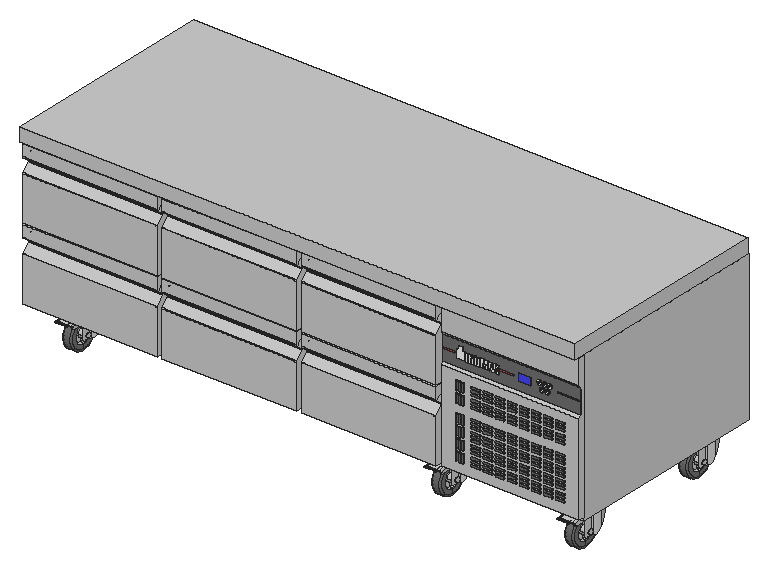
Revit family "QF_INOMAK_PWDP777_250528090058", category Specialty Equipment, Revit 2021
Family settings
  Round Connector Dimension = Use Diameter
  Part Type = Normal
  OmniClass Number = 23.40.40.14
  OmniClass Title = Food Service Equipment
  Work Plane-Based = No
  Always vertical = Yes
  Cut with Voids When Loaded = No
  Shared = No
  Room Calculation Point = No
Parameters (values of type "PWDP777")
  Weight [instance] = 131.002 kg
  Warranty Start Date [instance] = ""
  Warranty Duration [instance] = ""
  Volts [instance] = 230 V
  Volt Free Conn [instance] = no
  URL Recommended Spares List [instance] = ""
  URL Manufacturer [instance] = ""
  URL Cutsheet [instance] = ""
  URL Critical Spares List [instance] = ""
  URL = "www.inomak.com"
  Technical Documentation [instance] = ""
  Tag Number [instance] = ""
  Status [instance] = ""
  Start Up Current [instance] = 0 A
  Specification by User [instance] = ""
  Specification by Manufacturer [instance] = ""
  Sound Level [instance] = ""
  Show Logo [instance] = yes
  Show Clearances [instance] = yes
  Service Life Duration [instance] = ""
  Serial Number [instance] = ""
  Seismic Rating [instance] = ""
  SMACNA No [instance] = ""
  Revision Code [instance] = ""
  Revision [instance] = ""
  Production Year [instance] = ""
  Potential Equalisation [instance] = no
  Point Load [instance] = 0
  Phase [instance] = 1
  Other Equipment Approvals [instance] = ""
  Operational Current [instance] = 0 A
  Number of Poles [instance] = 2
  No Load Power Draw [instance] = no
  NAFEM Spec ID Number [instance] = ""
  Model Warning [instance] = ""
  Model = "PWDP777"
  Min Ckt Ampacity [instance] = 0 A
  Max Overcurrent Protection [instance] = 10 A
  Masterspec [instance] = ""
  Manufacturer = "INOMAK"
  Main switch integrated [instance] = no
  Length Actual [instance] = 1791.97 mm
  Item Number [instance] = ""
  Installed By [instance] = ""
  Installation Date [instance] = ""
  Identify Quantity as Lot [instance] = no
  ID [instance] = ""
  Hygiene Approval [instance] = ""
  Height Actual [instance] = 643.128 mm
  HP power [instance] = ""
  Furnished By [instance] = ""
  Foodservice Equipment Identifier [instance] = no
  FL Amps [instance] = 1.49 A
  Electrical Remarks [instance] = ""
  Electric power [instance] = 340 W
  Electric Connection Type [instance] = ""
  Elec Conn RI Height [instance] = 0 mm
  Elec Conn Connection Height [instance] = 0 mm
  ETL Approved [instance] = no
  Description = "POPULUS CHEF’S BASE COUNTER WITH 3 GN 1/1 DOORS"
  Depth Actual [instance] = 700.024 mm
  Default Elevation = 0 mm
  Cycle [instance] = 50 Hz
  Cost = 0
  Connection to energy optimisation system [instance] = yes
  Conn Plug [instance] = ""
  Conn Conduit [instance] = no
  Centralized building control system with digital interface [instance] = ""
  CSI MasterFormat [instance] = ""
  CE Approved [instance] = no
  Barcode [instance] = 0
  Author [instance] = ""
  Asset Identifier [instance] = ""
  Apparent Power [instance] = 340 VA
  Accessory [instance] = no
Reference planes
  plane 1 "Center (Front/Back)": y = 0
  plane 2: z = 0
  plane 3 "Center (Left/Right)": x = 0
Forms (mm)
  Extrusion 1, solid, not visible
    sketch origin (1385.068, -100.005, 132.006) x (1, 0, 0) y (0, 1, 0)
      loop
        line (-2, 2) -> (-2, -2) -> (2, -2) -> (2, 2) -> (-2, 2)
    from -2 to 2
Dimensions and locks
  locked: nested 2 to Extrusion 1 at 2  (x2)
  aligned and locked: level to plane 2
Nested families
  nested 1: "QF_INOMAK_REF_BASE_COUNTERS_1790_2920" at (0, 0, 130), type "PWDP777"
    with Weight 131.002 kg, Warranty Start Date "", Warranty Duration "", URL Cutsheet "", Technical Documentation "", Tag Number "", Status "", Specification by User "", Specification by Manufacturer "", Sound Level "", Solid Fuel Type "", Show Clearances yes, Show Clearance yes, Service Life Duration "", Serial Number "", Seismic Rating "", SMACNA No "", Revision Code "", Revision "", Production Year "", Point Load 0, Other Equipment Approvals "", NAFEM Spec ID Number "", Model Warning "", Masterspec "", Length Actual 1791.97 mm, Item Number "", Installed By "", Installation Date "", Identify Quantity as Lot yes, ID "", Hygiene Approval "", Height Actual 643.128 mm, Furnished By "", Foodservice Equipment Identifier yes, Finish none, ETL Approved yes, Depth Actual 700.024 mm, CSI MasterFormat "", CE Approved yes, Barcode "", Author "", Asset Identifier "", Accessory no
  nested 2: "CONN_POINT_ELE_2D___Generic_Annotation" at (1385.068, -100.005, 130.006), type "CONN_POINT_ELE_2D___Generic_Annotation"
    with Onboard connection annotation symbol visibility yes
  nested 3: "QF_INOMAK_REF_COUNTERS_DOORS_DRAWERS_6522" at (0, -700, 130), type "DW-2-483"
    with Weight 0.00 kg, Warranty Start Date "", Warranty Duration "", URL Cutsheet "", Top inset 10 mm, Technical Documentation "", Tag Number "", Status "", Specification by User "", Specification by Manufacturer "", Sound Level "", Solid Fuel Type "", Show Logo yes, Show Clearances yes, Service Life Duration "", Serial Number "", Seismic Rating "", SMACNA No "", Right panel thickness 0 mm, Revision Code "", Revision "", Rear inset 0 mm, Production Year "", Point Load 0, Plinth height 0 mm, Other Equipment Approvals "", NAFEM Spec ID Number "", Model Warning "", Masterspec "", Length Actual 435.102 mm, Left panel thickness 0 mm, Item Number "", Installed By "", Installation Date "", Identify Quantity as Lot yes, ID "", Hygiene Approval "", Height Actual 483.108 mm, Furnished By "", Front inset 10 mm, Foodservice Equipment Identifier yes, Finish none, ETL Approved yes, Doors drawers type 4, Depth Actual 80.01 mm, CSI MasterFormat "", CE Approved yes, Bottom inset 10 mm, Barcode "", Author "", Asset Identifier "", Accessory yes
  nested 4: "QF_INOMAK_REF_COUNTERS_DOORS_DRAWERS_16014" at (450, -700, 130), type "DW-2-483"
    with Weight 0.00 kg, Warranty Start Date "", Warranty Duration "", URL Cutsheet "", Top inset 10 mm, Technical Documentation "", Tag Number "", Status "", Specification by User "", Specification by Manufacturer "", Sound Level "", Solid Fuel Type "", Show Logo yes, Show Clearances yes, Service Life Duration "", Serial Number "", Seismic Rating "", SMACNA No "", Right panel thickness 0 mm, Revision Code "", Revision "", Rear inset 0 mm, Production Year "", Point Load 0, Plinth height 0 mm, Other Equipment Approvals "", NAFEM Spec ID Number "", Model Warning "", Masterspec "", Length Actual 435.102 mm, Left panel thickness 0 mm, Item Number "", Installed By "", Installation Date "", Identify Quantity as Lot yes, ID "", Hygiene Approval "", Height Actual 483.108 mm, Furnished By "", Front inset 10 mm, Foodservice Equipment Identifier yes, Finish none, ETL Approved yes, Doors drawers type 4, Depth Actual 80.01 mm, CSI MasterFormat "", CE Approved yes, Bottom inset 10 mm, Barcode "", Author "", Asset Identifier "", Accessory yes
  nested 5: "QF_INOMAK_REF_COUNTERS_DOORS_DRAWERS_25485" at (900, -700, 130), type "DW-2-483"
    with Weight 0.00 kg, Warranty Start Date "", Warranty Duration "", URL Cutsheet "", Top inset 10 mm, Technical Documentation "", Tag Number "", Status "", Specification by User "", Specification by Manufacturer "", Sound Level "", Solid Fuel Type "", Show Logo yes, Show Clearances yes, Service Life Duration "", Serial Number "", Seismic Rating "", SMACNA No "", Right panel thickness 0 mm, Revision Code "", Revision "", Rear inset 0 mm, Production Year "", Point Load 0, Plinth height 0 mm, Other Equipment Approvals "", NAFEM Spec ID Number "", Model Warning "", Masterspec "", Length Actual 435.102 mm, Left panel thickness 0 mm, Item Number "", Installed By "", Installation Date "", Identify Quantity as Lot yes, ID "", Hygiene Approval "", Height Actual 483.108 mm, Furnished By "", Front inset 10 mm, Foodservice Equipment Identifier yes, Finish none, ETL Approved yes, Doors drawers type 4, Depth Actual 80.01 mm, CSI MasterFormat "", CE Approved yes, Bottom inset 10 mm, Barcode "", Author "", Asset Identifier "", Accessory yes
  nested 6: "QF_INOMAK_REF_COUNTERS_WORKTOPS_34956" at (0, 0, 612), type "WTWT-1790-700"
    with Worktop without backsplash yes, Worktop with backsplash no, Worktop type 3, Worktop thickness 46 mm, Without worktop no, Weight 0.00 kg, Warranty Start Date "", Warranty Duration "", URL Cutsheet "", Technical Documentation "", Tag Number "", Status "", Specification by User "", Specification by Manufacturer "", Sound Level "", Solid Fuel Type "", Show Logo yes, Show Clearances yes, Service Life Duration "", Serial Number "", Seismic Rating "", SMACNA No "", Revision Code "", Revision "", Production Year "", Point Load 0, Other Equipment Approvals "", NAFEM Spec ID Number "", Model Warning "", Masterspec "", Length Actual 1791.97 mm, Item Number "", Installed By "", Installation Date "", Identify Quantity as Lot yes, ID "", Hygiene Approval "", Height Actual 45.974 mm, Height AFF 0 mm, Furnished By "", Foodservice Equipment Identifier yes, Finish none, ETL Approved yes, Depth Actual 700.024 mm, CSI MasterFormat "", CE Approved yes, Barcode "", Backsplash thickness 20 mm, Backsplash height 60 mm, Author "", Asset Identifier "", Accessory yes
  nested 7: "QF_INOMAK_REF_COUNTERS_CASTORS_36785" at (0, 0, 0), type "CT-1790-700"
    with Weight 0.00 kg, Warranty Start Date "", Warranty Duration "", URL Cutsheet "", Technical Documentation "", Tag Number "", Status "", Specification by User "", Specification by Manufacturer "", Sound Level "", Solid Fuel Type "", Show Logo yes, Show Clearances yes, Service Life Duration "", Serial Number "", Seismic Rating "", SMACNA No "", Revision Code "", Revision "", Production Year "", Point Load 0, Other Equipment Approvals "", NAFEM Spec ID Number "", Model Warning "", Masterspec "", Length Actual 1791.97 mm, Item Number "", Installed By "", Installation Date "", Identify Quantity as Lot yes, ID "", Hygiene Approval "", Height Actual 130.048 mm, Furnished By "", Foodservice Equipment Identifier yes, ETL Approved yes, Depth Actual 700.024 mm, CSI MasterFormat "", CE Approved yes, Barcode "", Author "", Asset Identifier "", Accessory yes
Connectors
  electrical at (1385.068, -100.005, 130.006), driven by "Apparent Power", driven by "Number of Poles", driven by "Volts"
    settings: on Extrusion 1, index 1, voltage 230 V, apparent load 0 VA, apparent load phase1 340 VA, apparent load phase2 0 VA, apparent load phase3 0 VA, power factor 1, load classification "Other", number of poles 2, system type 31, power factor state 1, is connector primary yes, connector utility no, sub classification motor no, connector description "Electrical connection for PWDP777"
Definition of nested family "QF_INOMAK_REF_BASE_COUNTERS_1790_2920"
  Parameters (values of type "PWDP777")
    Weight [instance] = 0.00 kg
    Warranty Start Date [instance] = ""
    Warranty Duration [instance] = ""
    URL Cutsheet [instance] = ""
    URL = "www.inomak.com"
    Technical Documentation [instance] = ""
    Tag Number [instance] = ""
    Status [instance] = ""
    Specification by User [instance] = ""
    Specification by Manufacturer [instance] = ""
    Sound Level [instance] = ""
    Solid Fuel Type [instance] = ""
    Show Logo = yes
    Show Clearances [instance] = yes
    Show Clearance [instance] = yes
    Service Life Duration [instance] = ""
    Serial Number [instance] = ""
    Seismic Rating [instance] = ""
    SMACNA No [instance] = ""
    Revision Code [instance] = ""
    Revision [instance] = ""
    Production Year [instance] = ""
    Point Load [instance] = 0
    Other Equipment Approvals [instance] = ""
    NAFEM Spec ID Number [instance] = ""
    Model Warning [instance] = ""
    Model = "PWDP777"
    Masterspec [instance] = ""
    Manufacturer = "INOMAK"
    Length Actual [instance] = 0 mm
    Length = 1792 mm
    Item Number [instance] = ""
    Installed By [instance] = ""
    Installation Date [instance] = ""
    Identify Quantity as Lot [instance] = yes
    ID [instance] = ""
    Hygiene Approval [instance] = ""
    Height Actual [instance] = 0 mm
    Height = 482 mm
    Furnished By [instance] = ""
    Foodservice Equipment Identifier [instance] = yes
    Finish [instance] = none
    ETL Approved [instance] = yes
    Description = "POPULUS CHEF’S BASE COUNTER WITH 3 GN 1/1 DOORS"
    Depth Actual [instance] = 0 mm
    Depth = 700 mm
    Default Elevation = 0 mm
    CSI MasterFormat [instance] = ""
    CE Approved [instance] = yes
    Barcode [instance] = ""
    Author [instance] = ""
    Asset Identifier [instance] = ""
    Assembly Code = "E1090320"
    Accessory [instance] = yes
  Reference planes
    plane 1 "Back": y = 0
    plane 2: z = 0
    plane 3 "Left": x = 0
    plane 4 "Right": x = 1792
    plane 5 "Front": y = -700
    plane 6 "Top": z = 482
  Forms (mm)
    Extrusion 1, solid, material <- "Finish"
      sketch origin (0, 0, 0) x (1, 0, 0) y (0, 1, 0)
        loop
          line (0, -648) -> (30, -648) -> (30, -30) -> (1317, -30) -> (1317, -648) -> (1347, -648) -> (1347, -665) -> (1792, -665) -> (1792, 0) -> (0, 0) -> (0, -648)
      from 0 to 482
    Extrusion 2, solid, material <- "Finish"
      sketch origin (0, 0, 0) x (1, 0, 0) y (0, 1, 0)
        loop
          line (30, -30) -> (30, -648) -> (1317, -648) -> (1317, -30) -> (30, -30)
      from 0 to 45
    Extrusion 3, solid, material <- "Finish"
      sketch origin (0, 0, 482) x (0, 1, 0) y (-1, 0, 0)
        loop
          line (-30, -30) -> (-648, -30) -> (-648, -1317) -> (-30, -1317) -> (-30, -30)
      from 0 to -30
    Extrusion 4, solid, material <- "Finish"
      sketch origin (1792, 0, 0) x (0, -1, 0) y (0, 0, 1)
        loop
          line (683.05, 477) -> (665, 477) -> (665, 10) -> (683.05, 10) -> (683.05, 304.058) -> (676.05, 311.058) -> (676.05, 390.864) -> (683.05, 397.864) -> (683.05, 477)
      from 0 to 445
    Extrusion 5, solid
      sketch origin (0, -700, 0) x (-1, 0, 0) y (0, 0, 1)
        loop
          circle (-1658.654, 358.73) r 6.965
        loop
          circle (-1675.685, 358.73) r 6.965
        loop
          circle (-1692.694, 358.73) r 6.965
        loop
          circle (-1667.18, 340.729) r 6.965
        loop
          circle (-1684.189, 340.729) r 6.965
        loop
          circle (-1658.654, 358.73) r 3.965
        loop
          circle (-1675.685, 358.73) r 3.965
        loop
          circle (-1692.694, 358.73) r 3.965
        loop
          circle (-1667.18, 340.729) r 3.965
        loop
          circle (-1684.189, 340.729) r 3.965
      from 23 to 25.5
    Extrusion 6, solid
      sketch origin (0, -700, 0) x (-1, 0, 0) y (0, 0, 1)
        loop
          line (-1630.865, 362.461) -> (-1630.865, 339.461) -> (-1590.865, 339.461) -> (-1590.865, 362.461) -> (-1630.865, 362.461)
      from 23 to 25.5
    Extrusion 7, solid
      sketch origin (0, -700, 0) x (-1, 0, 0) y (0, 0, 1)
        loop
          line (-1347, 390.864) -> (-1792, 390.864) -> (-1792, 311.058) -> (-1347, 311.058) -> (-1347, 390.864)
      from 23.5 to 25.5
    Extrusion 8, solid, visible <- "Show Logo"
      sketch origin (0, -700, 0) x (-1, 0, 0) y (0, 0, 1)
        loop
          line (-1391.061, 363.01) -> (-1397.061, 363.01) -> (-1397.061, 374.118) -> (-1411.298, 374.118) -> (-1411.298, 363.01) -> (-1417.298, 363.01) -> (-1417.298, 336.76) -> (-1391.061, 336.76) -> (-1391.061, 363.01)
        loop
          line (-1421.613, 362.698) -> (-1428.903, 362.698) -> (-1428.903, 336.76) -> (-1421.613, 336.76) -> (-1421.613, 362.698)
        loop
          line (-1431.422, 336.76) -> (-1431.422, 362.698) -> (-1438.256, 362.698) -> (-1441.449, 350.78) -> (-1441.449, 362.698) -> (-1447.982, 362.698) -> (-1447.982, 336.76) -> (-1441.449, 336.76) -> (-1437.735, 350.623) -> (-1437.735, 336.76) -> (-1431.422, 336.76)
        loop
          line (-1468.664, 336.76) -> (-1468.664, 362.698) -> (-1477.626, 362.698) -> (-1479.988, 348.688) -> (-1482.35, 362.698) -> (-1491.312, 362.698) -> (-1491.312, 336.76) -> (-1484.687, 336.76) -> (-1484.687, 350.623) -> (-1482.35, 336.76) -> (-1477.626, 336.76) -> (-1475.289, 350.623) -> (-1475.289, 336.76) -> (-1468.664, 336.76)
        loop
          line (-1453.851, 362.698) -> (-1463.176, 362.698)
          arc (-1463.176, 362.698) -> (-1465.773, 361.622) -> (-1466.849, 359.026) r 3.672
          line (-1466.849, 359.026) -> (-1466.849, 340.433)
          arc (-1466.849, 340.433) -> (-1465.773, 337.836) -> (-1463.176, 336.76) r 3.672
          line (-1463.176, 336.76) -> (-1453.851, 336.76)
          arc (-1453.851, 336.76) -> (-1451.255, 337.836) -> (-1450.179, 340.433) r 3.672
          line (-1450.179, 340.433) -> (-1450.179, 359.026)
          arc (-1450.179, 359.026) -> (-1451.255, 361.622) -> (-1453.851, 362.698) r 3.672
        loop
          arc (-1457.487, 359.542) -> (-1458.514, 360.569) -> (-1459.541, 359.542) r 1.027
          line (-1459.541, 359.542) -> (-1459.541, 340.949)
          arc (-1459.541, 340.949) -> (-1458.514, 339.922) -> (-1457.487, 340.949) r 1.027
          line (-1457.487, 340.949) -> (-1457.487, 359.542)
        loop
          line (-1492.382, 336.76) -> (-1496.755, 362.698) -> (-1505.615, 362.698) -> (-1509.988, 336.76) -> (-1503.461, 336.76) -> (-1502.852, 341.723) -> (-1499.518, 341.723) -> (-1498.909, 336.76) -> (-1492.382, 336.76)
        loop
          line (-1500.074, 346.252) -> (-1501.185, 355.299) -> (-1502.296, 346.252) -> (-1500.074, 346.252)
        loop
          line (-1510.954, 336.76) -> (-1510.954, 362.698) -> (-1517.579, 362.698) -> (-1517.579, 353.585) -> (-1520.365, 362.698) -> (-1527.803, 362.698) -> (-1523.474, 351.422) -> (-1528.522, 336.76) -> (-1520.939, 336.76) -> (-1517.579, 349.3) -> (-1517.579, 336.76) -> (-1510.954, 336.76)
      from 23 to 25.5
    Extrusion 9, solid
      sketch origin (0, -700, 0) x (-1, 0, 0) y (0, 0, 1)
        loop
          line (-1347, 352.961) -> (-1383.995, 352.961) -> (-1383.995, 348.961) -> (-1347, 348.961) -> (-1347, 352.961)
        loop
          line (-1532, 352.961) -> (-1576.365, 352.961) -> (-1576.365, 348.961) -> (-1532, 348.961) -> (-1532, 352.961)
        loop
          line (-1792, 352.961) -> (-1792, 348.961) -> (-1718.755, 348.961) -> (-1718.755, 352.961) -> (-1792, 352.961)
      from 23 to 25.5
  Cuts and joins
    joined: Extrusion 1, Extrusion 2, Extrusion 3
  Lines and regions (mm)
    symbolic lines, visible <- "Show Clearance"
      curve 1: line (0, 0, 0) -> (1792, 0, 0)
      curve 2: line (1792, 0, 0) -> (1792, -700, 0)
      curve 3: line (1792, -700, 0) -> (0, -700, 0)
      curve 4: line (0, -700, 0) -> (0, 0, 0)
  Dimensions and locks
    "Length": plane 3 "Left" to plane 4 "Right"
    "Depth": plane 5 "Front" to plane 1 "Back"
    "Height": plane 6 "Top" to plane 2
    aligned and locked: level to plane 2
    aligned and locked: plane 6 "Top" to Extrusion 1
    aligned and locked: nested 1 to plane 4 "Right"
    aligned and locked: plane 5 "Front" to nested 1
    aligned and locked: plane 5 "Front" to curve 3
  Automatic sketch dimensions
    plane 3 "Left" to Extrusion 2 sketch curve = 30 mm
    plane 4 "Right" to Extrusion 2 sketch curve = 475 mm
    plane 1 "Back" to Extrusion 2 sketch curve = 30 mm
    plane 1 "Back" to Extrusion 3 sketch curve = 30 mm
    plane 4 "Right" to Extrusion 3 sketch curve = 475 mm
    plane 3 "Left" to Extrusion 3 sketch curve = 30 mm
    Extrusion 1 sketch curve to plane 3 "Left" = 0 mm
    plane 1 "Back" to Extrusion 1 sketch curve = 0 mm
    Extrusion 1 sketch curve to plane 4 "Right" = 0 mm
    plane 3 "Left" to Extrusion 1 sketch curve = 30 mm
    plane 1 "Back" to Extrusion 1 sketch curve = 30 mm
    plane 4 "Right" to Extrusion 1 sketch curve = 475 mm
    Extrusion 1 sketch curve to Extrusion 1 sketch curve = 30 mm
    plane 5 "Front" to Extrusion 1 sketch curve = 35 mm
    plane 5 "Front" to Extrusion 1 sketch curve = 52 mm
    Extrusion 1 sketch curve to Extrusion 1 sketch curve = 17 mm
    plane 5 "Front" to Extrusion 2 sketch curve = 52 mm
    plane 5 "Front" to Extrusion 3 sketch curve = 52 mm
    Extrusion 4 sketch curve to plane 6 "Top" = 5 mm
    plane 5 "Front" to Extrusion 4 sketch curve = 35 mm
    plane 5 "Front" to Extrusion 4 sketch curve = 23.95 mm
    Extrusion 4 sketch curve to Extrusion 4 sketch curve = 7 mm  (x4)
    Extrusion 4 sketch curve to Extrusion 4 sketch curve = 79.136 mm
    Extrusion 4 sketch curve to Extrusion 4 sketch curve = 79.807 mm
    level to Extrusion 4 sketch curve = 10 mm
    Extrusion 5 sketch curve to Extrusion 5 sketch curve = 0 mm  (x13)
    plane 4 "Right" to Extrusion 5 sketch curve = 99.306 mm
    Extrusion 5 sketch curve to Extrusion 5 sketch curve = 8.505 mm
    Extrusion 5 sketch curve to Extrusion 5 sketch curve = 17.009 mm  (x2)
    Extrusion 5 sketch curve to Extrusion 5 sketch curve = 17.03 mm
    Extrusion 5 sketch curve to plane 6 "Top" = 141.271 mm
    Extrusion 5 sketch curve to Extrusion 5 sketch curve = 18.001 mm
    plane 4 "Right" to Extrusion 6 sketch curve = 161.135 mm
    Extrusion 6 sketch curve to Extrusion 6 sketch curve = 40 mm
    Extrusion 6 sketch curve to plane 6 "Top" = 142.539 mm
    Extrusion 6 sketch curve to Extrusion 6 sketch curve = 23 mm
    plane 4 "Right" to Extrusion 7 sketch curve = 0 mm
    Extrusion 7 sketch curve to plane 6 "Top" = 170.942 mm
    plane 4 "Right" to Extrusion 7 sketch curve = 445 mm
    Extrusion 7 sketch curve to Extrusion 7 sketch curve = 79.807 mm
    plane 4 "Right" to Extrusion 8 sketch curve = 263.478 mm
    Extrusion 8 sketch curve to Extrusion 8 sketch curve = 0.72 mm
    Extrusion 8 sketch curve to plane 6 "Top" = 130.578 mm
    Extrusion 8 sketch curve to Extrusion 8 sketch curve = 4.329 mm
    Extrusion 8 sketch curve to Extrusion 8 sketch curve = 7.584 mm
    Extrusion 8 sketch curve to plane 6 "Top" = 119.302 mm  (x2)
    Extrusion 8 sketch curve to Extrusion 8 sketch curve = 7.438 mm
    Extrusion 8 sketch curve to plane 6 "Top" = 132.7 mm
    Extrusion 8 sketch curve to Extrusion 8 sketch curve = 5.895 mm
    Extrusion 8 sketch curve to plane 6 "Top" = 128.415 mm
    Extrusion 8 sketch curve to Extrusion 8 sketch curve = 0 mm  (x11)
    Extrusion 8 sketch curve to Extrusion 8 sketch curve = 6.625 mm  (x2)
    Extrusion 8 sketch curve to Extrusion 8 sketch curve = 0.965 mm
    Extrusion 8 sketch curve to Extrusion 8 sketch curve = 5.338 mm
    Extrusion 8 sketch curve to Extrusion 8 sketch curve = 6.527 mm  (x2)
    Extrusion 8 sketch curve to plane 6 "Top" = 140.277 mm
    Extrusion 8 sketch curve to Extrusion 8 sketch curve = 0.609 mm
    Extrusion 8 sketch curve to plane 6 "Top" = 135.748 mm
    Extrusion 8 sketch curve to Extrusion 8 sketch curve = 0.556 mm
    Extrusion 8 sketch curve to plane 6 "Top" = 126.701 mm
    Extrusion 8 sketch curve to Extrusion 8 sketch curve = 4.43 mm  (x2)
    Extrusion 8 sketch curve to Extrusion 8 sketch curve = 2.222 mm
    Extrusion 8 sketch curve to Extrusion 8 sketch curve = 3.334 mm
    Extrusion 8 sketch curve to Extrusion 8 sketch curve = 4.552 mm
    Extrusion 8 sketch curve to plane 6 "Top" = 145.24 mm  (x2)
    Extrusion 8 sketch curve to Extrusion 8 sketch curve = 1.069 mm
    Extrusion 8 sketch curve to plane 6 "Top" = 131.377 mm  (x2)
    Extrusion 8 sketch curve to Extrusion 8 sketch curve = 8.962 mm  (x2)
    Extrusion 8 sketch curve to Extrusion 8 sketch curve = 2.337 mm
    Extrusion 8 sketch curve to plane 6 "Top" = 133.312 mm
    Extrusion 8 sketch curve to Extrusion 8 sketch curve = 4.699 mm  (x2)
    Extrusion 8 sketch curve to Extrusion 8 sketch curve = 4.724 mm  (x2)
    Extrusion 8 sketch curve to Extrusion 8 sketch curve = 1.815 mm
    Extrusion 8 sketch curve to Extrusion 8 sketch curve = 3.672 mm  (x8)
    Extrusion 8 sketch curve to Extrusion 8 sketch curve = 3.636 mm  (x3)
    Extrusion 8 sketch curve to Extrusion 8 sketch curve = 1.027 mm
    Extrusion 8 sketch curve to Extrusion 8 sketch curve = 2.197 mm
    Extrusion 8 sketch curve to Extrusion 8 sketch curve = 6.532 mm  (x2)
    Extrusion 8 sketch curve to Extrusion 8 sketch curve = 3.194 mm
    Extrusion 8 sketch curve to Extrusion 8 sketch curve = 3.714 mm
    Extrusion 8 sketch curve to Extrusion 8 sketch curve = 6.313 mm
    Extrusion 8 sketch curve to Extrusion 8 sketch curve = 2.52 mm
    Extrusion 8 sketch curve to Extrusion 8 sketch curve = 7.29 mm
    Extrusion 8 sketch curve to Extrusion 8 sketch curve = 4.315 mm
    Extrusion 8 sketch curve to Extrusion 8 sketch curve = 6 mm
    Extrusion 8 sketch curve to Extrusion 8 sketch curve = 14.237 mm
    Extrusion 8 sketch curve to Extrusion 8 sketch curve = 26.237 mm
    Extrusion 8 sketch curve to Extrusion 8 sketch curve = 14.661 mm
    Extrusion 8 sketch curve to Extrusion 8 sketch curve = 4.963 mm
    Extrusion 8 sketch curve to Extrusion 8 sketch curve = 0.516 mm  (x2)
    Extrusion 8 sketch curve to Extrusion 8 sketch curve = 13.862 mm
    Extrusion 8 sketch curve to Extrusion 8 sketch curve = 0.157 mm
    Extrusion 8 sketch curve to Extrusion 8 sketch curve = 26.25 mm
    Extrusion 8 sketch curve to Extrusion 8 sketch curve = 0.312 mm
    Extrusion 8 sketch curve to Extrusion 8 sketch curve = 11.107 mm
    plane 4 "Right" to Extrusion 9 sketch curve = 0 mm
    plane 4 "Right" to Extrusion 9 sketch curve = 73.245 mm
    Extrusion 9 sketch curve to Extrusion 9 sketch curve = 142.39 mm
    Extrusion 9 sketch curve to Extrusion 9 sketch curve = 44.365 mm
    Extrusion 9 sketch curve to Extrusion 9 sketch curve = 148.005 mm
    Extrusion 9 sketch curve to Extrusion 9 sketch curve = 36.995 mm
    Extrusion 9 sketch curve to plane 6 "Top" = 133.039 mm  (x3)
    Extrusion 9 sketch curve to Extrusion 9 sketch curve = 4 mm  (x3)
    plane 1 "Back" to curve 1 = 0 mm
    curve 1 to plane 3 "Left" = 0 mm
    curve 2 to plane 4 "Right" = 0 mm
    radius of Extrusion 5 sketch curve = 6.965 mm  (x5)
    radius of Extrusion 5 sketch curve = 3.965 mm  (x5)
  Nested families
    nested 1: "QF_INOMAK_CONRTOL-PANEL" at (1792, 0, -40), type "PNRP9999"
      with Show Clearance yes
  Definition of nested family "QF_INOMAK_CONRTOL-PANEL"
    Parameters (values of type "PNRP9999")
      URL = ""
      Show Logo = yes
      Show Clearance [instance] = yes
      Model = ""
      Manufacturer = ""
      Length = 0 mm
      Height = 710 mm
      Front offset = 80 mm
      Description = ""
      Depth = 700 mm
      Default Elevation = 0 mm
      Assembly Code = ""
    Reference planes
      plane 1 "Back": y = 0
      plane 2: z = 0
      plane 3 "Left": x = 0
      plane 4 "Right": x = 0
      plane 5 "Front": y = -700
      plane 6 "Top": z = 710
      plane 7 "Front offset": y = -620
    Forms (mm)
      Extrusion 1, solid
        sketch origin (-2240, -700, 0) x (-1, 0, 0) y (0, 0, 1)
          loop
            arc (-2191.4, 315.855) -> (-2194.4, 312.855) -> (-2191.4, 309.855) r 3
            line (-2191.4, 309.855) -> (-2167.4, 309.855)
            arc (-2167.4, 309.855) -> (-2164.4, 312.855) -> (-2167.4, 315.855) r 3
            line (-2167.4, 315.855) -> (-2191.4, 315.855)
          loop
            arc (-2152.4, 315.855) -> (-2155.4, 312.855) -> (-2152.4, 309.855) r 3
            line (-2152.4, 309.855) -> (-2128.4, 309.855)
            arc (-2128.4, 309.855) -> (-2125.4, 312.855) -> (-2128.4, 315.855) r 3
            line (-2128.4, 315.855) -> (-2152.4, 315.855)
          loop
            arc (-2113.4, 315.855) -> (-2116.4, 312.855) -> (-2113.4, 309.855) r 3
            line (-2113.4, 309.855) -> (-2089.4, 309.855)
            arc (-2089.4, 309.855) -> (-2086.4, 312.855) -> (-2089.4, 315.855) r 3
            line (-2089.4, 315.855) -> (-2113.4, 315.855)
          loop
            arc (-2074.4, 315.855) -> (-2077.4, 312.855) -> (-2074.4, 309.855) r 3
            line (-2074.4, 309.855) -> (-2050.4, 309.855)
            arc (-2050.4, 309.855) -> (-2047.4, 312.855) -> (-2050.4, 315.855) r 3
            line (-2050.4, 315.855) -> (-2074.4, 315.855)
          loop
            arc (-2035.4, 315.855) -> (-2038.4, 312.855) -> (-2035.4, 309.855) r 3
            line (-2035.4, 309.855) -> (-2011.4, 309.855)
            arc (-2011.4, 309.855) -> (-2008.4, 312.855) -> (-2011.4, 315.855) r 3
            line (-2011.4, 315.855) -> (-2035.4, 315.855)
          loop
            arc (-1996.4, 315.855) -> (-1999.4, 312.855) -> (-1996.4, 309.855) r 3
            line (-1996.4, 309.855) -> (-1972.4, 309.855)
            arc (-1972.4, 309.855) -> (-1969.4, 312.855) -> (-1972.4, 315.855) r 3
            line (-1972.4, 315.855) -> (-1996.4, 315.855)
          loop
            arc (-1957.4, 315.855) -> (-1960.4, 312.855) -> (-1957.4, 309.855) r 3
            line (-1957.4, 309.855) -> (-1933.4, 309.855)
            arc (-1933.4, 309.855) -> (-1930.4, 312.855) -> (-1933.4, 315.855) r 3
            line (-1933.4, 315.855) -> (-1957.4, 315.855)
          loop
            arc (-1918.4, 315.855) -> (-1921.4, 312.855) -> (-1918.4, 309.855) r 3
            line (-1918.4, 309.855) -> (-1894.4, 309.855)
            arc (-1894.4, 309.855) -> (-1891.4, 312.855) -> (-1894.4, 315.855) r 3
            line (-1894.4, 315.855) -> (-1918.4, 315.855)
          loop
            arc (-2191.4, 304.855) -> (-2194.4, 301.855) -> (-2191.4, 298.855) r 3
            line (-2191.4, 298.855) -> (-2167.4, 298.855)
            arc (-2167.4, 298.855) -> (-2164.4, 301.855) -> (-2167.4, 304.855) r 3
            line (-2167.4, 304.855) -> (-2191.4, 304.855)
          loop
            arc (-2152.4, 304.855) -> (-2155.4, 301.855) -> (-2152.4, 298.855) r 3
            line (-2152.4, 298.855) -> (-2128.4, 298.855)
            arc (-2128.4, 298.855) -> (-2125.4, 301.855) -> (-2128.4, 304.855) r 3
            line (-2128.4, 304.855) -> (-2152.4, 304.855)
          loop
            arc (-2113.4, 304.855) -> (-2116.4, 301.855) -> (-2113.4, 298.855) r 3
            line (-2113.4, 298.855) -> (-2089.4, 298.855)
            arc (-2089.4, 298.855) -> (-2086.4, 301.855) -> (-2089.4, 304.855) r 3
            line (-2089.4, 304.855) -> (-2113.4, 304.855)
          loop
            arc (-2074.4, 304.855) -> (-2077.4, 301.855) -> (-2074.4, 298.855) r 3
            line (-2074.4, 298.855) -> (-2050.4, 298.855)
            arc (-2050.4, 298.855) -> (-2047.4, 301.855) -> (-2050.4, 304.855) r 3
            line (-2050.4, 304.855) -> (-2074.4, 304.855)
          loop
            arc (-2035.4, 304.855) -> (-2038.4, 301.855) -> (-2035.4, 298.855) r 3
            line (-2035.4, 298.855) -> (-2011.4, 298.855)
            arc (-2011.4, 298.855) -> (-2008.4, 301.855) -> (-2011.4, 304.855) r 3
            line (-2011.4, 304.855) -> (-2035.4, 304.855)
          loop
            arc (-1996.4, 304.855) -> (-1999.4, 301.855) -> (-1996.4, 298.855) r 3
            line (-1996.4, 298.855) -> (-1972.4, 298.855)
            arc (-1972.4, 298.855) -> (-1969.4, 301.855) -> (-1972.4, 304.855) r 3
            line (-1972.4, 304.855) -> (-1996.4, 304.855)
          loop
            arc (-1957.4, 304.855) -> (-1960.4, 301.855) -> (-1957.4, 298.855) r 3
            line (-1957.4, 298.855) -> (-1933.4, 298.855)
            arc (-1933.4, 298.855) -> (-1930.4, 301.855) -> (-1933.4, 304.855) r 3
            line (-1933.4, 304.855) -> (-1957.4, 304.855)
          loop
            arc (-1918.4, 304.855) -> (-1921.4, 301.855) -> (-1918.4, 298.855) r 3
            line (-1918.4, 298.855) -> (-1894.4, 298.855)
            arc (-1894.4, 298.855) -> (-1891.4, 301.855) -> (-1894.4, 304.855) r 3
            line (-1894.4, 304.855) -> (-1918.4, 304.855)
          loop
            arc (-2191.4, 293.855) -> (-2194.4, 290.855) -> (-2191.4, 287.855) r 3
            line (-2191.4, 287.855) -> (-2167.4, 287.855)
            arc (-2167.4, 287.855) -> (-2164.4, 290.855) -> (-2167.4, 293.855) r 3
            line (-2167.4, 293.855) -> (-2191.4, 293.855)
          loop
            arc (-2152.4, 293.855) -> (-2155.4, 290.855) -> (-2152.4, 287.855) r 3
            line (-2152.4, 287.855) -> (-2128.4, 287.855)
            arc (-2128.4, 287.855) -> (-2125.4, 290.855) -> (-2128.4, 293.855) r 3
            line (-2128.4, 293.855) -> (-2152.4, 293.855)
          loop
            arc (-2113.4, 293.855) -> (-2116.4, 290.855) -> (-2113.4, 287.855) r 3
            line (-2113.4, 287.855) -> (-2089.4, 287.855)
            arc (-2089.4, 287.855) -> (-2086.4, 290.855) -> (-2089.4, 293.855) r 3
            line (-2089.4, 293.855) -> (-2113.4, 293.855)
          loop
            arc (-2074.4, 293.855) -> (-2077.4, 290.855) -> (-2074.4, 287.855) r 3
            line (-2074.4, 287.855) -> (-2050.4, 287.855)
            arc (-2050.4, 287.855) -> (-2047.4, 290.855) -> (-2050.4, 293.855) r 3
            line (-2050.4, 293.855) -> (-2074.4, 293.855)
          loop
            arc (-2035.4, 293.855) -> (-2038.4, 290.855) -> (-2035.4, 287.855) r 3
            line (-2035.4, 287.855) -> (-2011.4, 287.855)
            arc (-2011.4, 287.855) -> (-2008.4, 290.855) -> (-2011.4, 293.855) r 3
            line (-2011.4, 293.855) -> (-2035.4, 293.855)
          loop
            arc (-1996.4, 293.855) -> (-1999.4, 290.855) -> (-1996.4, 287.855) r 3
            line (-1996.4, 287.855) -> (-1972.4, 287.855)
            arc (-1972.4, 287.855) -> (-1969.4, 290.855) -> (-1972.4, 293.855) r 3
            line (-1972.4, 293.855) -> (-1996.4, 293.855)
          loop
            arc (-1957.4, 293.855) -> (-1960.4, 290.855) -> (-1957.4, 287.855) r 3
            line (-1957.4, 287.855) -> (-1933.4, 287.855)
            arc (-1933.4, 287.855) -> (-1930.4, 290.855) -> (-1933.4, 293.855) r 3
            line (-1933.4, 293.855) -> (-1957.4, 293.855)
          loop
            arc (-1918.4, 293.855) -> (-1921.4, 290.855) -> (-1918.4, 287.855) r 3
            line (-1918.4, 287.855) -> (-1894.4, 287.855)
            arc (-1894.4, 287.855) -> (-1891.4, 290.855) -> (-1894.4, 293.855) r 3
            line (-1894.4, 293.855) -> (-1918.4, 293.855)
          loop
            arc (-2191.4, 278.855) -> (-2194.4, 275.855) -> (-2191.4, 272.855) r 3
            line (-2191.4, 272.855) -> (-2167.4, 272.855)
            arc (-2167.4, 272.855) -> (-2164.4, 275.855) -> (-2167.4, 278.855) r 3
            line (-2167.4, 278.855) -> (-2191.4, 278.855)
          loop
            arc (-2152.4, 278.855) -> (-2155.4, 275.855) -> (-2152.4, 272.855) r 3
            line (-2152.4, 272.855) -> (-2128.4, 272.855)
            arc (-2128.4, 272.855) -> (-2125.4, 275.855) -> (-2128.4, 278.855) r 3
            line (-2128.4, 278.855) -> (-2152.4, 278.855)
          loop
            arc (-2113.4, 278.855) -> (-2116.4, 275.855) -> (-2113.4, 272.855) r 3
            line (-2113.4, 272.855) -> (-2089.4, 272.855)
            arc (-2089.4, 272.855) -> (-2086.4, 275.855) -> (-2089.4, 278.855) r 3
            line (-2089.4, 278.855) -> (-2113.4, 278.855)
          loop
            arc (-2074.4, 278.855) -> (-2077.4, 275.855) -> (-2074.4, 272.855) r 3
            line (-2074.4, 272.855) -> (-2050.4, 272.855)
            arc (-2050.4, 272.855) -> (-2047.4, 275.855) -> (-2050.4, 278.855) r 3
            line (-2050.4, 278.855) -> (-2074.4, 278.855)
          loop
            arc (-2035.4, 278.855) -> (-2038.4, 275.855) -> (-2035.4, 272.855) r 3
            line (-2035.4, 272.855) -> (-2011.4, 272.855)
            arc (-2011.4, 272.855) -> (-2008.4, 275.855) -> (-2011.4, 278.855) r 3
            line (-2011.4, 278.855) -> (-2035.4, 278.855)
          loop
            arc (-1996.4, 278.855) -> (-1999.4, 275.855) -> (-1996.4, 272.855) r 3
            line (-1996.4, 272.855) -> (-1972.4, 272.855)
            arc (-1972.4, 272.855) -> (-1969.4, 275.855) -> (-1972.4, 278.855) r 3
            line (-1972.4, 278.855) -> (-1996.4, 278.855)
          loop
            arc (-1957.4, 278.855) -> (-1960.4, 275.855) -> (-1957.4, 272.855) r 3
            line (-1957.4, 272.855) -> (-1933.4, 272.855)
            arc (-1933.4, 272.855) -> (-1930.4, 275.855) -> (-1933.4, 278.855) r 3
            line (-1933.4, 278.855) -> (-1957.4, 278.855)
          loop
            arc (-1918.4, 278.855) -> (-1921.4, 275.855) -> (-1918.4, 272.855) r 3
            line (-1918.4, 272.855) -> (-1894.4, 272.855)
            arc (-1894.4, 272.855) -> (-1891.4, 275.855) -> (-1894.4, 278.855) r 3
            line (-1894.4, 278.855) -> (-1918.4, 278.855)
          loop
            arc (-2191.4, 267.855) -> (-2194.4, 264.855) -> (-2191.4, 261.855) r 3
            line (-2191.4, 261.855) -> (-2167.4, 261.855)
            arc (-2167.4, 261.855) -> (-2164.4, 264.855) -> (-2167.4, 267.855) r 3
            line (-2167.4, 267.855) -> (-2191.4, 267.855)
          loop
            arc (-2152.4, 267.855) -> (-2155.4, 264.855) -> (-2152.4, 261.855) r 3
            line (-2152.4, 261.855) -> (-2128.4, 261.855)
            arc (-2128.4, 261.855) -> (-2125.4, 264.855) -> (-2128.4, 267.855) r 3
            line (-2128.4, 267.855) -> (-2152.4, 267.855)
          loop
            arc (-2113.4, 267.855) -> (-2116.4, 264.855) -> (-2113.4, 261.855) r 3
            line (-2113.4, 261.855) -> (-2089.4, 261.855)
            arc (-2089.4, 261.855) -> (-2086.4, 264.855) -> (-2089.4, 267.855) r 3
            line (-2089.4, 267.855) -> (-2113.4, 267.855)
          loop
            arc (-2074.4, 267.855) -> (-2077.4, 264.855) -> (-2074.4, 261.855) r 3
            line (-2074.4, 261.855) -> (-2050.4, 261.855)
            arc (-2050.4, 261.855) -> (-2047.4, 264.855) -> (-2050.4, 267.855) r 3
            line (-2050.4, 267.855) -> (-2074.4, 267.855)
          loop
            arc (-2035.4, 267.855) -> (-2038.4, 264.855) -> (-2035.4, 261.855) r 3
            line (-2035.4, 261.855) -> (-2011.4, 261.855)
            arc (-2011.4, 261.855) -> (-2008.4, 264.855) -> (-2011.4, 267.855) r 3
            line (-2011.4, 267.855) -> (-2035.4, 267.855)
          loop
            arc (-1996.4, 267.855) -> (-1999.4, 264.855) -> (-1996.4, 261.855) r 3
            line (-1996.4, 261.855) -> (-1972.4, 261.855)
            arc (-1972.4, 261.855) -> (-1969.4, 264.855) -> (-1972.4, 267.855) r 3
            line (-1972.4, 267.855) -> (-1996.4, 267.855)
          loop
            arc (-1957.4, 267.855) -> (-1960.4, 264.855) -> (-1957.4, 261.855) r 3
            line (-1957.4, 261.855) -> (-1933.4, 261.855)
            arc (-1933.4, 261.855) -> (-1930.4, 264.855) -> (-1933.4, 267.855) r 3
            line (-1933.4, 267.855) -> (-1957.4, 267.855)
          loop
            arc (-1918.4, 267.855) -> (-1921.4, 264.855) -> (-1918.4, 261.855) r 3
            line (-1918.4, 261.855) -> (-1894.4, 261.855)
            arc (-1894.4, 261.855) -> (-1891.4, 264.855) -> (-1894.4, 267.855) r 3
            line (-1894.4, 267.855) -> (-1918.4, 267.855)
          loop
            arc (-2191.4, 256.855) -> (-2194.4, 253.855) -> (-2191.4, 250.855) r 3
            line (-2191.4, 250.855) -> (-2167.4, 250.855)
            arc (-2167.4, 250.855) -> (-2164.4, 253.855) -> (-2167.4, 256.855) r 3
            line (-2167.4, 256.855) -> (-2191.4, 256.855)
          loop
            arc (-2152.4, 256.855) -> (-2155.4, 253.855) -> (-2152.4, 250.855) r 3
            line (-2152.4, 250.855) -> (-2128.4, 250.855)
            arc (-2128.4, 250.855) -> (-2125.4, 253.855) -> (-2128.4, 256.855) r 3
            line (-2128.4, 256.855) -> (-2152.4, 256.855)
          loop
            arc (-2113.4, 256.855) -> (-2116.4, 253.855) -> (-2113.4, 250.855) r 3
            line (-2113.4, 250.855) -> (-2089.4, 250.855)
            arc (-2089.4, 250.855) -> (-2086.4, 253.855) -> (-2089.4, 256.855) r 3
            line (-2089.4, 256.855) -> (-2113.4, 256.855)
          loop
            arc (-2074.4, 256.855) -> (-2077.4, 253.855) -> (-2074.4, 250.855) r 3
            line (-2074.4, 250.855) -> (-2050.4, 250.855)
            arc (-2050.4, 250.855) -> (-2047.4, 253.855) -> (-2050.4, 256.855) r 3
            line (-2050.4, 256.855) -> (-2074.4, 256.855)
          loop
            arc (-2035.4, 256.855) -> (-2038.4, 253.855) -> (-2035.4, 250.855) r 3
            line (-2035.4, 250.855) -> (-2011.4, 250.855)
            arc (-2011.4, 250.855) -> (-2008.4, 253.855) -> (-2011.4, 256.855) r 3
            line (-2011.4, 256.855) -> (-2035.4, 256.855)
          loop
            arc (-1996.4, 256.855) -> (-1999.4, 253.855) -> (-1996.4, 250.855) r 3
            line (-1996.4, 250.855) -> (-1972.4, 250.855)
            arc (-1972.4, 250.855) -> (-1969.4, 253.855) -> (-1972.4, 256.855) r 3
            line (-1972.4, 256.855) -> (-1996.4, 256.855)
          loop
            arc (-1957.4, 256.855) -> (-1960.4, 253.855) -> (-1957.4, 250.855) r 3
            line (-1957.4, 250.855) -> (-1933.4, 250.855)
            arc (-1933.4, 250.855) -> (-1930.4, 253.855) -> (-1933.4, 256.855) r 3
            line (-1933.4, 256.855) -> (-1957.4, 256.855)
          loop
            arc (-1918.4, 256.855) -> (-1921.4, 253.855) -> (-1918.4, 250.855) r 3
            line (-1918.4, 250.855) -> (-1894.4, 250.855)
            arc (-1894.4, 250.855) -> (-1891.4, 253.855) -> (-1894.4, 256.855) r 3
            line (-1894.4, 256.855) -> (-1918.4, 256.855)
          loop
            arc (-2191.4, 221.855) -> (-2194.4, 218.855) -> (-2191.4, 215.855) r 3
            line (-2191.4, 215.855) -> (-2167.4, 215.855)
            arc (-2167.4, 215.855) -> (-2164.4, 218.855) -> (-2167.4, 221.855) r 3
            line (-2167.4, 221.855) -> (-2191.4, 221.855)
          loop
            arc (-2152.4, 221.855) -> (-2155.4, 218.855) -> (-2152.4, 215.855) r 3
            line (-2152.4, 215.855) -> (-2128.4, 215.855)
            arc (-2128.4, 215.855) -> (-2125.4, 218.855) -> (-2128.4, 221.855) r 3
            line (-2128.4, 221.855) -> (-2152.4, 221.855)
          loop
            arc (-2113.4, 221.855) -> (-2116.4, 218.855) -> (-2113.4, 215.855) r 3
            line (-2113.4, 215.855) -> (-2089.4, 215.855)
            arc (-2089.4, 215.855) -> (-2086.4, 218.855) -> (-2089.4, 221.855) r 3
            line (-2089.4, 221.855) -> (-2113.4, 221.855)
          loop
            arc (-2074.4, 221.855) -> (-2077.4, 218.855) -> (-2074.4, 215.855) r 3
            line (-2074.4, 215.855) -> (-2050.4, 215.855)
            arc (-2050.4, 215.855) -> (-2047.4, 218.855) -> (-2050.4, 221.855) r 3
            line (-2050.4, 221.855) -> (-2074.4, 221.855)
          loop
            arc (-2035.4, 221.855) -> (-2038.4, 218.855) -> (-2035.4, 215.855) r 3
            line (-2035.4, 215.855) -> (-2011.4, 215.855)
            arc (-2011.4, 215.855) -> (-2008.4, 218.855) -> (-2011.4, 221.855) r 3
            line (-2011.4, 221.855) -> (-2035.4, 221.855)
          loop
            arc (-1996.4, 221.855) -> (-1999.4, 218.855) -> (-1996.4, 215.855) r 3
            line (-1996.4, 215.855) -> (-1972.4, 215.855)
            arc (-1972.4, 215.855) -> (-1969.4, 218.855) -> (-1972.4, 221.855) r 3
            line (-1972.4, 221.855) -> (-1996.4, 221.855)
          loop
            arc (-1957.4, 221.855) -> (-1960.4, 218.855) -> (-1957.4, 215.855) r 3
            line (-1957.4, 215.855) -> (-1933.4, 215.855)
            arc (-1933.4, 215.855) -> (-1930.4, 218.855) -> (-1933.4, 221.855) r 3
            line (-1933.4, 221.855) -> (-1957.4, 221.855)
          loop
            arc (-1918.4, 221.855) -> (-1921.4, 218.855) -> (-1918.4, 215.855) r 3
            line (-1918.4, 215.855) -> (-1894.4, 215.855)
            arc (-1894.4, 215.855) -> (-1891.4, 218.855) -> (-1894.4, 221.855) r 3
            line (-1894.4, 221.855) -> (-1918.4, 221.855)
          loop
            arc (-2191.4, 210.855) -> (-2194.4, 207.855) -> (-2191.4, 204.855) r 3
            line (-2191.4, 204.855) -> (-2167.4, 204.855)
            arc (-2167.4, 204.855) -> (-2164.4, 207.855) -> (-2167.4, 210.855) r 3
            line (-2167.4, 210.855) -> (-2191.4, 210.855)
          loop
            arc (-2152.4, 210.855) -> (-2155.4, 207.855) -> (-2152.4, 204.855) r 3
            line (-2152.4, 204.855) -> (-2128.4, 204.855)
            arc (-2128.4, 204.855) -> (-2125.4, 207.855) -> (-2128.4, 210.855) r 3
            line (-2128.4, 210.855) -> (-2152.4, 210.855)
          loop
            arc (-2113.4, 210.855) -> (-2116.4, 207.855) -> (-2113.4, 204.855) r 3
            line (-2113.4, 204.855) -> (-2089.4, 204.855)
            arc (-2089.4, 204.855) -> (-2086.4, 207.855) -> (-2089.4, 210.855) r 3
            line (-2089.4, 210.855) -> (-2113.4, 210.855)
          loop
            arc (-2074.4, 210.855) -> (-2077.4, 207.855) -> (-2074.4, 204.855) r 3
            line (-2074.4, 204.855) -> (-2050.4, 204.855)
            arc (-2050.4, 204.855) -> (-2047.4, 207.855) -> (-2050.4, 210.855) r 3
            line (-2050.4, 210.855) -> (-2074.4, 210.855)
          loop
            arc (-2035.4, 210.855) -> (-2038.4, 207.855) -> (-2035.4, 204.855) r 3
            line (-2035.4, 204.855) -> (-2011.4, 204.855)
            arc (-2011.4, 204.855) -> (-2008.4, 207.855) -> (-2011.4, 210.855) r 3
            line (-2011.4, 210.855) -> (-2035.4, 210.855)
          loop
            arc (-1996.4, 210.855) -> (-1999.4, 207.855) -> (-1996.4, 204.855) r 3
            line (-1996.4, 204.855) -> (-1972.4, 204.855)
            arc (-1972.4, 204.855) -> (-1969.4, 207.855) -> (-1972.4, 210.855) r 3
            line (-1972.4, 210.855) -> (-1996.4, 210.855)
          loop
            arc (-1957.4, 210.855) -> (-1960.4, 207.855) -> (-1957.4, 204.855) r 3
            line (-1957.4, 204.855) -> (-1933.4, 204.855)
            arc (-1933.4, 204.855) -> (-1930.4, 207.855) -> (-1933.4, 210.855) r 3
            line (-1933.4, 210.855) -> (-1957.4, 210.855)
          loop
            arc (-1918.4, 210.855) -> (-1921.4, 207.855) -> (-1918.4, 204.855) r 3
            line (-1918.4, 204.855) -> (-1894.4, 204.855)
            arc (-1894.4, 204.855) -> (-1891.4, 207.855) -> (-1894.4, 210.855) r 3
            line (-1894.4, 210.855) -> (-1918.4, 210.855)
          loop
            arc (-2191.4, 199.855) -> (-2194.4, 196.855) -> (-2191.4, 193.855) r 3
            line (-2191.4, 193.855) -> (-2167.4, 193.855)
            arc (-2167.4, 193.855) -> (-2164.4, 196.855) -> (-2167.4, 199.855) r 3
            line (-2167.4, 199.855) -> (-2191.4, 199.855)
          loop
            arc (-2152.4, 199.855) -> (-2155.4, 196.855) -> (-2152.4, 193.855) r 3
            line (-2152.4, 193.855) -> (-2128.4, 193.855)
            arc (-2128.4, 193.855) -> (-2125.4, 196.855) -> (-2128.4, 199.855) r 3
            line (-2128.4, 199.855) -> (-2152.4, 199.855)
          loop
            arc (-2113.4, 199.855) -> (-2116.4, 196.855) -> (-2113.4, 193.855) r 3
            line (-2113.4, 193.855) -> (-2089.4, 193.855)
            arc (-2089.4, 193.855) -> (-2086.4, 196.855) -> (-2089.4, 199.855) r 3
            line (-2089.4, 199.855) -> (-2113.4, 199.855)
          loop
            arc (-2074.4, 199.855) -> (-2077.4, 196.855) -> (-2074.4, 193.855) r 3
            line (-2074.4, 193.855) -> (-2050.4, 193.855)
            arc (-2050.4, 193.855) -> (-2047.4, 196.855) -> (-2050.4, 199.855) r 3
            line (-2050.4, 199.855) -> (-2074.4, 199.855)
          loop
            arc (-2035.4, 199.855) -> (-2038.4, 196.855) -> (-2035.4, 193.855) r 3
            line (-2035.4, 193.855) -> (-2011.4, 193.855)
            arc (-2011.4, 193.855) -> (-2008.4, 196.855) -> (-2011.4, 199.855) r 3
            line (-2011.4, 199.855) -> (-2035.4, 199.855)
          loop
            arc (-1996.4, 199.855) -> (-1999.4, 196.855) -> (-1996.4, 193.855) r 3
            line (-1996.4, 193.855) -> (-1972.4, 193.855)
            arc (-1972.4, 193.855) -> (-1969.4, 196.855) -> (-1972.4, 199.855) r 3
            line (-1972.4, 199.855) -> (-1996.4, 199.855)
          loop
            arc (-1957.4, 199.855) -> (-1960.4, 196.855) -> (-1957.4, 193.855) r 3
            line (-1957.4, 193.855) -> (-1933.4, 193.855)
            arc (-1933.4, 193.855) -> (-1930.4, 196.855) -> (-1933.4, 199.855) r 3
            line (-1933.4, 199.855) -> (-1957.4, 199.855)
          loop
            arc (-1918.4, 199.855) -> (-1921.4, 196.855) -> (-1918.4, 193.855) r 3
            line (-1918.4, 193.855) -> (-1894.4, 193.855)
            arc (-1894.4, 193.855) -> (-1891.4, 196.855) -> (-1894.4, 199.855) r 3
            line (-1894.4, 199.855) -> (-1918.4, 199.855)
          loop
            arc (-2191.4, 184.855) -> (-2194.4, 181.855) -> (-2191.4, 178.855) r 3
            line (-2191.4, 178.855) -> (-2167.4, 178.855)
            arc (-2167.4, 178.855) -> (-2164.4, 181.855) -> (-2167.4, 184.855) r 3
            line (-2167.4, 184.855) -> (-2191.4, 184.855)
          loop
            arc (-2152.4, 184.855) -> (-2155.4, 181.855) -> (-2152.4, 178.855) r 3
            line (-2152.4, 178.855) -> (-2128.4, 178.855)
            arc (-2128.4, 178.855) -> (-2125.4, 181.855) -> (-2128.4, 184.855) r 3
            line (-2128.4, 184.855) -> (-2152.4, 184.855)
          loop
            arc (-2113.4, 184.855) -> (-2116.4, 181.855) -> (-2113.4, 178.855) r 3
            line (-2113.4, 178.855) -> (-2089.4, 178.855)
            arc (-2089.4, 178.855) -> (-2086.4, 181.855) -> (-2089.4, 184.855) r 3
            line (-2089.4, 184.855) -> (-2113.4, 184.855)
          loop
            arc (-2074.4, 184.855) -> (-2077.4, 181.855) -> (-2074.4, 178.855) r 3
            line (-2074.4, 178.855) -> (-2050.4, 178.855)
            arc (-2050.4, 178.855) -> (-2047.4, 181.855) -> (-2050.4, 184.855) r 3
            line (-2050.4, 184.855) -> (-2074.4, 184.855)
          loop
            arc (-2035.4, 184.855) -> (-2038.4, 181.855) -> (-2035.4, 178.855) r 3
            line (-2035.4, 178.855) -> (-2011.4, 178.855)
            arc (-2011.4, 178.855) -> (-2008.4, 181.855) -> (-2011.4, 184.855) r 3
            line (-2011.4, 184.855) -> (-2035.4, 184.855)
          loop
            arc (-1996.4, 184.855) -> (-1999.4, 181.855) -> (-1996.4, 178.855) r 3
            line (-1996.4, 178.855) -> (-1972.4, 178.855)
            arc (-1972.4, 178.855) -> (-1969.4, 181.855) -> (-1972.4, 184.855) r 3
            line (-1972.4, 184.855) -> (-1996.4, 184.855)
          loop
            arc (-1957.4, 184.855) -> (-1960.4, 181.855) -> (-1957.4, 178.855) r 3
            line (-1957.4, 178.855) -> (-1933.4, 178.855)
            arc (-1933.4, 178.855) -> (-1930.4, 181.855) -> (-1933.4, 184.855) r 3
            line (-1933.4, 184.855) -> (-1957.4, 184.855)
          loop
            arc (-1918.4, 184.855) -> (-1921.4, 181.855) -> (-1918.4, 178.855) r 3
            line (-1918.4, 178.855) -> (-1894.4, 178.855)
            arc (-1894.4, 178.855) -> (-1891.4, 181.855) -> (-1894.4, 184.855) r 3
            line (-1894.4, 184.855) -> (-1918.4, 184.855)
          loop
            arc (-2191.4, 173.855) -> (-2194.4, 170.855) -> (-2191.4, 167.855) r 3
            line (-2191.4, 167.855) -> (-2167.4, 167.855)
            arc (-2167.4, 167.855) -> (-2164.4, 170.855) -> (-2167.4, 173.855) r 3
            line (-2167.4, 173.855) -> (-2191.4, 173.855)
          loop
            arc (-2152.4, 173.855) -> (-2155.4, 170.855) -> (-2152.4, 167.855) r 3
            line (-2152.4, 167.855) -> (-2128.4, 167.855)
            arc (-2128.4, 167.855) -> (-2125.4, 170.855) -> (-2128.4, 173.855) r 3
            line (-2128.4, 173.855) -> (-2152.4, 173.855)
          loop
            arc (-2113.4, 173.855) -> (-2116.4, 170.855) -> (-2113.4, 167.855) r 3
            line (-2113.4, 167.855) -> (-2089.4, 167.855)
            arc (-2089.4, 167.855) -> (-2086.4, 170.855) -> (-2089.4, 173.855) r 3
            line (-2089.4, 173.855) -> (-2113.4, 173.855)
          loop
            arc (-2074.4, 173.855) -> (-2077.4, 170.855) -> (-2074.4, 167.855) r 3
            line (-2074.4, 167.855) -> (-2050.4, 167.855)
            arc (-2050.4, 167.855) -> (-2047.4, 170.855) -> (-2050.4, 173.855) r 3
            line (-2050.4, 173.855) -> (-2074.4, 173.855)
          loop
            arc (-2035.4, 173.855) -> (-2038.4, 170.855) -> (-2035.4, 167.855) r 3
            line (-2035.4, 167.855) -> (-2011.4, 167.855)
            arc (-2011.4, 167.855) -> (-2008.4, 170.855) -> (-2011.4, 173.855) r 3
            line (-2011.4, 173.855) -> (-2035.4, 173.855)
          loop
            arc (-1996.4, 173.855) -> (-1999.4, 170.855) -> (-1996.4, 167.855) r 3
            line (-1996.4, 167.855) -> (-1972.4, 167.855)
            arc (-1972.4, 167.855) -> (-1969.4, 170.855) -> (-1972.4, 173.855) r 3
            line (-1972.4, 173.855) -> (-1996.4, 173.855)
          loop
            arc (-1957.4, 173.855) -> (-1960.4, 170.855) -> (-1957.4, 167.855) r 3
            line (-1957.4, 167.855) -> (-1933.4, 167.855)
            arc (-1933.4, 167.855) -> (-1930.4, 170.855) -> (-1933.4, 173.855) r 3
            line (-1933.4, 173.855) -> (-1957.4, 173.855)
          loop
            arc (-1918.4, 173.855) -> (-1921.4, 170.855) -> (-1918.4, 167.855) r 3
            line (-1918.4, 167.855) -> (-1894.4, 167.855)
            arc (-1894.4, 167.855) -> (-1891.4, 170.855) -> (-1894.4, 173.855) r 3
            line (-1894.4, 173.855) -> (-1918.4, 173.855)
          loop
            arc (-2191.4, 162.855) -> (-2194.4, 159.855) -> (-2191.4, 156.855) r 3
            line (-2191.4, 156.855) -> (-2167.4, 156.855)
            arc (-2167.4, 156.855) -> (-2164.4, 159.855) -> (-2167.4, 162.855) r 3
            line (-2167.4, 162.855) -> (-2191.4, 162.855)
          loop
            arc (-2152.4, 162.855) -> (-2155.4, 159.855) -> (-2152.4, 156.855) r 3
            line (-2152.4, 156.855) -> (-2128.4, 156.855)
            arc (-2128.4, 156.855) -> (-2125.4, 159.855) -> (-2128.4, 162.855) r 3
            line (-2128.4, 162.855) -> (-2152.4, 162.855)
          loop
            arc (-2113.4, 162.855) -> (-2116.4, 159.855) -> (-2113.4, 156.855) r 3
            line (-2113.4, 156.855) -> (-2089.4, 156.855)
            arc (-2089.4, 156.855) -> (-2086.4, 159.855) -> (-2089.4, 162.855) r 3
            line (-2089.4, 162.855) -> (-2113.4, 162.855)
          loop
            arc (-2074.4, 162.855) -> (-2077.4, 159.855) -> (-2074.4, 156.855) r 3
            line (-2074.4, 156.855) -> (-2050.4, 156.855)
            arc (-2050.4, 156.855) -> (-2047.4, 159.855) -> (-2050.4, 162.855) r 3
            line (-2050.4, 162.855) -> (-2074.4, 162.855)
          loop
            arc (-2035.4, 162.855) -> (-2038.4, 159.855) -> (-2035.4, 156.855) r 3
            line (-2035.4, 156.855) -> (-2011.4, 156.855)
            arc (-2011.4, 156.855) -> (-2008.4, 159.855) -> (-2011.4, 162.855) r 3
            line (-2011.4, 162.855) -> (-2035.4, 162.855)
          loop
            arc (-1996.4, 162.855) -> (-1999.4, 159.855) -> (-1996.4, 156.855) r 3
            line (-1996.4, 156.855) -> (-1972.4, 156.855)
            arc (-1972.4, 156.855) -> (-1969.4, 159.855) -> (-1972.4, 162.855) r 3
            line (-1972.4, 162.855) -> (-1996.4, 162.855)
          loop
            arc (-1957.4, 162.855) -> (-1960.4, 159.855) -> (-1957.4, 156.855) r 3
            line (-1957.4, 156.855) -> (-1933.4, 156.855)
            arc (-1933.4, 156.855) -> (-1930.4, 159.855) -> (-1933.4, 162.855) r 3
            line (-1933.4, 162.855) -> (-1957.4, 162.855)
          loop
            arc (-1918.4, 162.855) -> (-1921.4, 159.855) -> (-1918.4, 156.855) r 3
            line (-1918.4, 156.855) -> (-1894.4, 156.855)
            arc (-1894.4, 156.855) -> (-1891.4, 159.855) -> (-1894.4, 162.855) r 3
            line (-1894.4, 162.855) -> (-1918.4, 162.855)
          loop
            arc (-2191.4, 147.855) -> (-2194.4, 144.855) -> (-2191.4, 141.855) r 3
            line (-2191.4, 141.855) -> (-2167.4, 141.855)
            arc (-2167.4, 141.855) -> (-2164.4, 144.855) -> (-2167.4, 147.855) r 3
            line (-2167.4, 147.855) -> (-2191.4, 147.855)
          loop
            arc (-2152.4, 147.855) -> (-2155.4, 144.855) -> (-2152.4, 141.855) r 3
            line (-2152.4, 141.855) -> (-2128.4, 141.855)
            arc (-2128.4, 141.855) -> (-2125.4, 144.855) -> (-2128.4, 147.855) r 3
            line (-2128.4, 147.855) -> (-2152.4, 147.855)
          loop
            arc (-2113.4, 147.855) -> (-2116.4, 144.855) -> (-2113.4, 141.855) r 3
            line (-2113.4, 141.855) -> (-2089.4, 141.855)
            arc (-2089.4, 141.855) -> (-2086.4, 144.855) -> (-2089.4, 147.855) r 3
            line (-2089.4, 147.855) -> (-2113.4, 147.855)
          loop
            arc (-2074.4, 147.855) -> (-2077.4, 144.855) -> (-2074.4, 141.855) r 3
            line (-2074.4, 141.855) -> (-2050.4, 141.855)
            arc (-2050.4, 141.855) -> (-2047.4, 144.855) -> (-2050.4, 147.855) r 3
            line (-2050.4, 147.855) -> (-2074.4, 147.855)
          loop
            arc (-2035.4, 147.855) -> (-2038.4, 144.855) -> (-2035.4, 141.855) r 3
            line (-2035.4, 141.855) -> (-2011.4, 141.855)
            arc (-2011.4, 141.855) -> (-2008.4, 144.855) -> (-2011.4, 147.855) r 3
            line (-2011.4, 147.855) -> (-2035.4, 147.855)
          loop
            arc (-1996.4, 147.855) -> (-1999.4, 144.855) -> (-1996.4, 141.855) r 3
            line (-1996.4, 141.855) -> (-1972.4, 141.855)
            arc (-1972.4, 141.855) -> (-1969.4, 144.855) -> (-1972.4, 147.855) r 3
            line (-1972.4, 147.855) -> (-1996.4, 147.855)
          loop
            arc (-1957.4, 147.855) -> (-1960.4, 144.855) -> (-1957.4, 141.855) r 3
            line (-1957.4, 141.855) -> (-1933.4, 141.855)
            arc (-1933.4, 141.855) -> (-1930.4, 144.855) -> (-1933.4, 147.855) r 3
            line (-1933.4, 147.855) -> (-1957.4, 147.855)
          loop
            arc (-1918.4, 147.855) -> (-1921.4, 144.855) -> (-1918.4, 141.855) r 3
            line (-1918.4, 141.855) -> (-1894.4, 141.855)
            arc (-1894.4, 141.855) -> (-1891.4, 144.855) -> (-1894.4, 147.855) r 3
            line (-1894.4, 147.855) -> (-1918.4, 147.855)
          loop
            arc (-2191.4, 136.855) -> (-2194.4, 133.855) -> (-2191.4, 130.855) r 3
            line (-2191.4, 130.855) -> (-2167.4, 130.855)
            arc (-2167.4, 130.855) -> (-2164.4, 133.855) -> (-2167.4, 136.855) r 3
            line (-2167.4, 136.855) -> (-2191.4, 136.855)
          loop
            arc (-2152.4, 136.855) -> (-2155.4, 133.855) -> (-2152.4, 130.855) r 3
            line (-2152.4, 130.855) -> (-2128.4, 130.855)
            arc (-2128.4, 130.855) -> (-2125.4, 133.855) -> (-2128.4, 136.855) r 3
            line (-2128.4, 136.855) -> (-2152.4, 136.855)
          loop
            arc (-2113.4, 136.855) -> (-2116.4, 133.855) -> (-2113.4, 130.855) r 3
            line (-2113.4, 130.855) -> (-2089.4, 130.855)
            arc (-2089.4, 130.855) -> (-2086.4, 133.855) -> (-2089.4, 136.855) r 3
            line (-2089.4, 136.855) -> (-2113.4, 136.855)
          loop
            arc (-2074.4, 136.855) -> (-2077.4, 133.855) -> (-2074.4, 130.855) r 3
            line (-2074.4, 130.855) -> (-2050.4, 130.855)
            arc (-2050.4, 130.855) -> (-2047.4, 133.855) -> (-2050.4, 136.855) r 3
            line (-2050.4, 136.855) -> (-2074.4, 136.855)
          loop
            arc (-2035.4, 136.855) -> (-2038.4, 133.855) -> (-2035.4, 130.855) r 3
            line (-2035.4, 130.855) -> (-2011.4, 130.855)
            arc (-2011.4, 130.855) -> (-2008.4, 133.855) -> (-2011.4, 136.855) r 3
            line (-2011.4, 136.855) -> (-2035.4, 136.855)
